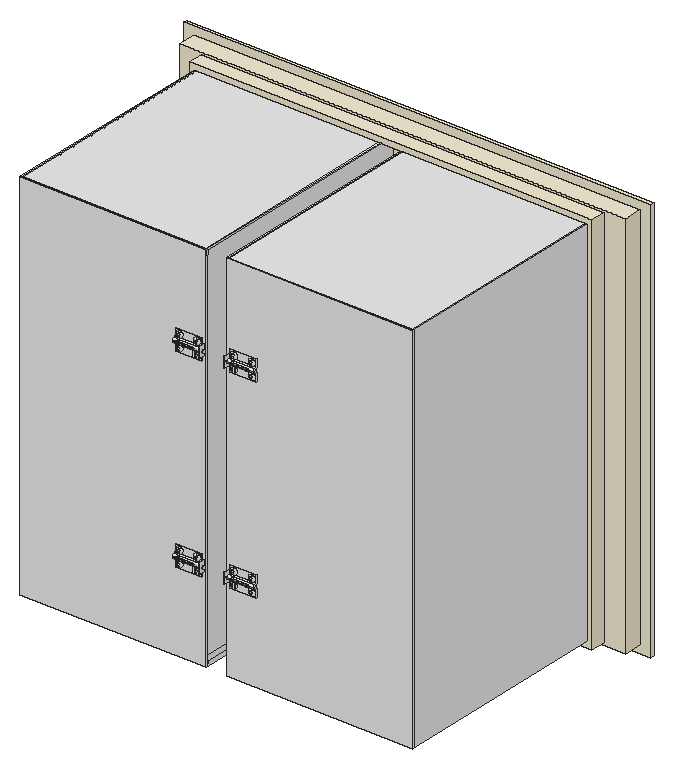
Revit family "Mailboxes_4C-Salsbury_Industries-Rear_Load-7_Door_High_Units", category Specialty Equipment, host Wall, Revit 2016
Family settings
  Host = Wall
  Part Type = Normal
  Round Connector Dimension = Use Diameter
  OmniClass Number = 23.40.90.14.11
  OmniClass Title = Mail Boxes
  Always vertical = Yes
  Cut with Voids When Loaded = No
  Shared = No
  Room Calculation Point = No
Parameters (values of type "3707D-12 RL")
  Width = 31.09766"
  URL = "www.mailboxes.com"
  OmniClass 23 Title = "Mail Boxes"
  OmniClass 23 Number = "23.40.90.14.11"
  Latch Locks-Right Side = yes
  Visible Door Number [instance] = yes
  Vertical Center Divider = yes
  Version = "3.0 (06/30/17)"
  Type Comments = "4C Standard Horizontal Mailbox - Rear Loading"
  Top Back Plate = no
  Right Inside Wall = yes
  Model = "3707D-12 RL"
  MasterFormat Title = "Postal Specialties"
  MasterFormat Number = "10 55 00"
  Manufacturer = "Salsbury Industries"
  Lock Material = Stainless Steel - Salsbury Finish -  Polished
  Left Inside Wall = yes
  Latch Locks-Left Side = yes
  Latch Distance = 6.015"
  Latch Alignment = 14.857"
  Keynote = ""
  Height = 27.000"
  Front Panel Material [instance] = Paint - Salsbury Finish - Sandstone
  Door Slot R7 Number [instance] = "12"
  Door Slot R7 = 3700 Series 4C Door Configurations : MB1 Door w/ Divider
  Door Slot R6 Number [instance] = "11"
  Door Slot R6 = 3700 Series 4C Door Configurations : MB1 Door w/ Divider
  Door Slot R5 Number [instance] = "10"
  Door Slot R5 = 3700 Series 4C Door Configurations : MB1 Door w/ Divider
  Door Slot R4 Number [instance] = "0"
  Door Slot R4 = 3700 Series 4C OM2 Configuration : OM2-RL
  Door Slot R3 Number [instance] = "0"
  Door Slot R3 = 3700 Series 4C Door Configurations : Empty
  Door Slot R2 Number [instance] = "9"
  Door Slot R2 = 3700 Series 4C Door Configurations : MB1 Door w/ Divider
  Door Slot R1 Number [instance] = "8"
  Door Slot R1 = 3700 Series 4C Door Configurations : MB1 Door
  Door Slot L7 Number [instance] = "7"
  Door Slot L7 = 3700 Series 4C Door Configurations : MB1 Door w/ Divider
  Door Slot L6 Number [instance] = "6"
  Door Slot L6 = 3700 Series 4C Door Configurations : MB1 Door w/ Divider
  Door Slot L5 Number [instance] = "5"
  Door Slot L5 = 3700 Series 4C Door Configurations : MB1 Door w/ Divider
  Door Slot L4 Number [instance] = "4"
  Door Slot L4 = 3700 Series 4C Door Configurations : MB1 Door w/ Divider
  Door Slot L3 Number [instance] = "3"
  Door Slot L3 = 3700 Series 4C Door Configurations : MB1 Door w/ Divider
  Door Slot L2 Number [instance] = "2"
  Door Slot L2 = 3700 Series 4C Door Configurations : MB1 Door w/ Divider
  Door Slot L1 Number [instance] = "1"
  Door Slot L1 = 3700 Series 4C Door Configurations : MB1 Door
  Description = "7 Door High Unit:  12 MB1, OM2"
  Depth = 17.025"
  Center Extrusion Offset [instance] = 0.000"
  Bottom Back Plate = no
  Back Enclosure Material = Aluminum - Salsbury Finish - Anodized
  Assembly Description = "Mailboxes"
  Assembly Code = "C1030910"
  Above Finished Floor (AFF-Bottom of Unit) [instance] = 26.683"
  Above Finished Floor (AFF-Bottom Shelf) [instance] = 28.000"
Reference planes (in)
  plane 1 "Wall Centerline": y = 0
  plane 2 "Center (Left/Right)": x = 0
  plane 3 "Front": y = 3
  plane 4 "15" AFF": z = 28
  plane 5 "28" AFF": z = 28
  plane 6 "36" AFF": z = 36
  plane 7 "48" AFF": z = 48
  plane 8 "Bottom of Unit": z = 26.683
  plane 9 "Top of Unit": z = 53.683
  plane 10 "Left Side of Unit": x = 15.54883
  plane 11 "Right Side of Unit": x = -15.54883
  plane 12 "28" AFF_Bottom of Unit": z = 26.683
  plane 13 "Top Horiz Trim Align": z = 52.85225
  plane 14 "Bottom Horiz Trim Align": z = 27.515
  plane 15 "Left Trim Align": x = 14.716
  plane 16 "Right Trim Align": x = -14.716
  plane 17 "Left Door Align": x = 14.06641
  plane 18 "Right Door Align": x = -14.06641
  plane 19 "Top Horiz Door Align": z = 52.26125
  plane 20 "Bottom Horiz Door Align": z = 28
  plane 21 "Front Face of Unit": y = 3.265
  plane 22 "Top Housing Align": z = 53.179
  plane 23 "Top Collar Align": z = 53.031
  plane 24 "Top Box Align": z = 52.676
  plane 25 "Vertical Housing Align": y = 1.795
  plane 26 "Vertical Collar Align": y = 0.795
  plane 27 "Back of Unit": y = -13.76
  plane 28 "Bottom Housing Align": z = 27.187
  plane 29 "Bottom Collar Align": z = 27.335
  plane 30 "Bottom Box Align": z = 27.75
  plane 31 "Door Alignment": y = 2.66809
  plane 32 "Right Housing Align": x = -14.84183
  plane 33 "Right Collar Align": x = -13.40883
  plane 34 "Right Box Side Align": x = -13.08083
  plane 35 "Left Housing Align": x = 14.84183
  plane 36 "Left Collar Align": x = 13.40883
  plane 37 "Left Side Box Align": x = 13.08083
  plane 38 "Top Back Plate Align": z = 51.897
  plane 39 "Bottom Back Plate Align": z = 28.499
  plane 40 "Back": y = -3
  plane 41 "RO Left Side": x = 15.17383
  plane 42 "RO Right Side": x = -15.17383
  plane 43 "RO Bottom": z = 27.058
  plane 44 "RO Top": z = 53.308
  plane 45 "Horiz Centerline": z = 42.04237
  plane 46: z = 27.885
  plane 47: x = 12.99983
  plane 48: x = 12.92758
  plane 49 "Center Extrusion": x = 0
  plane 50 "Center Extrusion Offset": x = 0
  plane 51 "Row 7 Top Align": z = 31.5
  plane 52 "Row 6 Top Align": z = 35
  plane 53 "Row 5 Top Align": z = 38.5
  plane 54 "Row 4 Top Align": z = 42
  plane 55 "Row 3 Top Align": z = 45.5
  plane 56 "Row 2 Top Align": z = 49
  plane 57 "Row 16 Top Align-Private": z = 31.5
  plane 58 "Row 15 Top Align-Private": z = 35
  plane 59 "Row 14 Top Align-Private": z = 38.5
  plane 60 "Row 13 Top Align-Private": z = 42
  plane 61 "Row 12 Top Align-Private": z = 45.5
  plane 62 "Row 11 Top Align-Private": z = 49
  plane 63 "Row 10 Top Align-Private": z = 52.25
  plane 64 "Row 9 Top Align-Private": z = 55.75
  plane 65 "Row 8 Top Align-Private": z = 59.25
  plane 66 "Top of Face Gap": z = 61.25
  plane 67 "Top Latch Align": z = 46.661
  plane 68 "Bottom Latch Align": z = 33.765
  plane 69 "Right Latch Align": x = -0.69183
  plane 70 "Left Latch Align": x = 0.69098
  plane 71 "Latch Alignment Edge": x = -15.54883
  plane 72: x = -12.92783
  plane 73: x = -12.99983
  plane 74: y = -13.84203
  plane 75: x = -2
  plane 76: x = -0.7705
  plane 77: x = 0.7705
  plane 78: x = 2
  plane 79: y = -13.67797
  plane 80: x = -0.69098
  plane 81: x = 0.69183
  plane 82: z = 50.397
  plane 83: z = 29.999
  plane 84: z = 52.31729
  plane 85: z = 28.41625
  plane 86: z = 27.446
  plane 87: z = 28.055
Forms (in)
  Extrusion 1, void
    sketch origin (0, 3, 0) x (1, 0, 0) y (0, 0, 1)
      loop
        line (15.17383, 53.308) -> (-15.17383, 53.308) -> (-15.17383, 27.058) -> (15.17383, 27.058) -> (15.17383, 53.308)
    from 0 to 15.27914
  Extrusion 2, solid, material "Paint - Salsbury Finish - Sandstone" <- "Front Panel Material"
    sketch origin (0, 3, 0) x (1, 0, 0) y (0, 0, 1)
      loop
        line (15.54883, 53.683) -> (-15.54883, 53.683) -> (-15.54883, 26.683) -> (15.54883, 26.683) -> (15.54883, 53.683)
    from -0.265 to 0
  Extrusion 3, void
    sketch origin (0, 3.265, 0.00774) x (0, 0, -1) y (-1, 0, 0)
      loop
        line (-52.84451, -14.716) -> (-27.50726, -14.716) -> (-27.50726, 14.716) -> (-52.84451, 14.716) -> (-52.84451, -14.716)
    from -0.265 to 0
  Extrusion 4, solid, material "Paint - Salsbury Finish - Sandstone" <- "Front Panel Material"
    sketch origin (14.98214, 3.265, -1.67978) x (0, 0, -1) y (-1, 0, 0)
      loop
        line (-54.53203, 29.69814) -> (-54.53203, 29.04855) -> (-29.19478, 29.04855) -> (-29.19478, 29.69814) -> (-54.53203, 29.69814)
    from 0 to -0.265
  Extrusion 5, solid, material "Paint - Salsbury Finish - Sandstone" <- "Front Panel Material"
    sketch origin (0, 3.265, 0) x (0, 0, -1) y (-1, 0, 0)
      loop
        line (-27.515, -14.06641) -> (-27.515, 14.06641) -> (-28, 14.06641) -> (-28, -14.06641) -> (-27.515, -14.06641)
    from -0.265 to 0
  Extrusion 6, solid, material "Paint - Salsbury Finish - Sandstone" <- "Front Panel Material"
    sketch origin (0, 3, 84.08475) x (1, 0, 0) y (0, 0, 1)
      loop
        line (-14.84183, -56.89775) -> (14.84183, -56.89775) -> (14.84183, -30.90575) -> (-14.84183, -30.90575) -> (-14.84183, -56.89775)
    from 0 to 1.205
  Extrusion 7, solid, material "Paint - Salsbury Finish - Sandstone" <- "Front Panel Material"
    sketch origin (0, 1.795, 0) x (0, 0, 1) y (-1, 0, 0)
      loop
        line (27.335, 13.40883) -> (27.335, -13.40883) -> (53.031, -13.40883) -> (53.031, 13.40883) -> (27.335, 13.40883)
    from 0 to 1
  Extrusion 8, void
    sketch origin (0, 1.795, 0) x (0, 0, 1) y (-1, 0, 0)
      loop
        line (52.676, 13.08083) -> (27.75, 13.08083) -> (27.75, -13.08083) -> (52.676, -13.08083) -> (52.676, 13.08083)
    from 0 to 1
  Extrusion 9, solid, material "Paint - Salsbury Finish - Sandstone" <- "Front Panel Material"
    sketch origin (0, 3.265, 0) x (0, 0, -1) y (-1, 0, 0)
      loop
        line (-52.85225, -14.716) -> (-27.515, -14.716) -> (-27.515, -14.06641) -> (-52.85225, -14.06641) -> (-52.85225, -14.716)
    from 0 to -0.265
  Extrusion 10, solid, material "Paint - Salsbury Finish - Sandstone" <- "Front Panel Material"
    sketch origin (0, 3.265, 0) x (0, 0, -1) y (-1, 0, 0)
      loop
        line (-52.85225, -14.06641) -> (-52.26125, -14.06641) -> (-52.26125, 14.06641) -> (-52.85225, 14.06641) -> (-52.85225, -14.06641)
    from -0.265 to 0
  Extrusion 11, void
    sketch origin (0, 1.795, 0) x (0, 0, 1) y (-1, 0, 0)
      loop
        line (53.031, -13.40883) -> (53.031, 13.40883) -> (27.335, 13.40883) -> (27.335, -13.40883) -> (53.031, -13.40883)
    from -1.124 to 0
  Extrusion 12, void
    sketch origin (0, 3, 0) x (1, 0, 0) y (0, 0, 1)
      loop
        line (14.06641, 53.031) -> (-14.06641, 53.031) -> (-14.06641, 27.335) -> (14.06641, 27.335) -> (14.06641, 53.031)
    from 0 to 0.33191
  Extrusion 13, solid, material "Aluminum - Salsbury Finish - Anodized" <- "Back Enclosure Material"
    sketch origin (-0.58189, 1.795, 0) x (0, 0, 1) y (-1, 0, 0)
      loop
        line (52.676, 12.49894) -> (27.75, 12.49894) -> (27.75, 12.41794) -> (52.676, 12.41794) -> (52.676, 12.49894)
    from 0 to 15.47297
  Extrusion 14, solid, material "Aluminum - Salsbury Finish - Anodized" <- "Back Enclosure Material", visible <- "Right Inside Wall"
    sketch origin (11.7675, 1.795, 0) x (0, 0, 1) y (-1, 0, 0)
      loop
        line (52.676, 12.538) -> (27.75, 12.538) -> (27.75, 12.45933) -> (52.676, 12.45933) -> (52.676, 12.538)
    from 0 to 15.47297
  Extrusion 15, solid, material "Aluminum - Salsbury Finish - Anodized" <- "Back Enclosure Material"
    sketch origin (0.54283, 1.795, 0) x (0, 0, 1) y (-1, 0, 0)
      loop
        line (52.676, -12.538) -> (52.676, -12.457) -> (27.75, -12.457) -> (27.75, -12.538) -> (52.676, -12.538)
    from 0 to 15.47297
  Extrusion 16, solid, material "Aluminum - Salsbury Finish - Anodized" <- "Back Enclosure Material", visible <- "Left Inside Wall"
    sketch origin (-11.7675, 1.795, 0) x (0, 0, 1) y (-1, 0, 0)
      loop
        line (52.676, -12.538) -> (52.676, -12.45849) -> (27.75, -12.45849) -> (27.75, -12.538) -> (52.676, -12.538)
    from 0 to 15.47297
  Extrusion 17, solid, material "Aluminum - Salsbury Finish - Anodized" <- "Back Enclosure Material"
    sketch origin (0, -13.76, 0) x (0, 0, 1) y (-1, 0, 0)
      loop
        line (52.676, 13.08083) -> (27.75, 13.08083) -> (27.75, -13.08083) -> (52.676, -13.08083) -> (52.676, 13.08083)
    from -0.08203 to 0
  Extrusion 18, solid, material "Aluminum - Salsbury Finish - Anodized" <- "Back Enclosure Material"
    sketch origin (-0.15625, 0, 52.676) x (0, 1, 0) y (-1, 0, 0)
      loop
        line (1.795, 12.84358) -> (-13.67797, 12.84358) -> (-13.67797, -13.15608) -> (1.795, -13.15608) -> (1.795, 12.84358)
    from -0.35871 to 0
  Extrusion 19, void
    sketch origin (0, 0, 52.676) x (0, 1, 0) y (-1, 0, 0)
      loop
        line (1.7325, 12.93342) -> (-13.61547, 12.93342) -> (-13.61547, -12.92758) -> (1.7325, -12.92758) -> (1.7325, 12.93342)
    from -0.0723 to -0.6459
  Extrusion 20, solid, material "Aluminum - Salsbury Finish - Anodized" <- "Back Enclosure Material"
    sketch origin (0, 0, 15.41625) x (1, 0, 0) y (0, 1, 0)
      loop
        line (-12.99983, 1.795) -> (-12.99983, -13.67797) -> (12.99983, -13.67797) -> (12.99983, 1.795) -> (-12.99983, 1.795)
    from 12.46875 to 13
  Extrusion 21, void
    sketch origin (0, 0, 27.91625) x (1, 0, 0) y (0, 1, 0)
      loop
        line (-12.93342, 1.7325) -> (-12.93342, -13.61547) -> (12.92758, -13.61547) -> (12.92758, 1.7325) -> (-12.93342, 1.7325)
    from 0.13875 to -0.47025
  Extrusion 22, solid, material "Aluminum - Salsbury Finish - Anodized" <- "Back Enclosure Material", visible <- "Top Back Plate", detail levels medium+fine
    sketch origin (0, -13.76, 0) x (0, 0, 1) y (-1, 0, 0)
      loop
        line (51.897, 2) -> (50.397, 2) -> (50.397, -2) -> (51.897, -2) -> (51.897, 2)
    from 0 to 0.08203
  Extrusion 23, solid, material "Aluminum - Salsbury Finish - Anodized" <- "Back Enclosure Material", visible <- "Bottom Back Plate", detail levels medium+fine
    sketch origin (0, -13.76, 84.11475) x (0, 0, -1) y (1, 0, 0)
      loop
        line (55.61575, -2) -> (55.61575, 2) -> (54.11575, 2) -> (54.11575, -2) -> (55.61575, -2)
    from 0 to 0.08203
  Extrusion 24, void
    sketch origin (0, 0, 0) x (0, 0, -1) y (0, 1, 0)
      loop
        line (-52.676, 1.795) -> (-52.676, -13.76) -> (-27.75, -13.76) -> (-27.75, 1.795) -> (-27.515, 1.795) -> (-27.515, 3.265) -> (-52.85225, 3.265) -> (-52.85225, 1.795) -> (-52.676, 1.795)
    from -0.69098 to 0.69183
  Extrusion 25, solid, material "Paint - Salsbury Finish - Sandstone" <- "Front Panel Material", visible <- "Vertical Center Divider"
    sketch origin (-0.77934, 3.265, 0) x (0, 0, -1) y (-1, 0, 0)
      loop
        line (-52.85225, -1.47033) -> (-27.515, -1.47033) -> (-27.515, -0.08752) -> (-52.85225, -0.08752) -> (-52.85225, -1.47033)
    from 0 to -1.47
Cuts and joins
  Extrusion 3, Extrusion 11, Extrusion 24 cuts Extrusion 2
  Extrusion 8, Extrusion 11, Extrusion 12, Extrusion 24 cuts Extrusion 5
  Extrusion 8, Extrusion 12, Extrusion 19, Extrusion 24 cuts Extrusion 7
  Extrusion 11, Extrusion 12, Extrusion 24 cuts Extrusion 10
  Extrusion 11, Extrusion 12 cuts Extrusion 6
  Extrusion 12 cuts Extrusion 4
  Extrusion 12 cuts Extrusion 9
  Extrusion 19, Extrusion 21, Extrusion 24 cuts Extrusion 18
  Extrusion 21, Extrusion 24 cuts Extrusion 20
  Extrusion 24 cuts Extrusion 17
  Extrusion 24 cuts Extrusion 22
  Extrusion 24 cuts Extrusion 23
Lines and regions (in)
  model lines
    curve 1: line (15.54883, 3.265, 53.683) -> (14.716, 3.265, 52.85225)
    curve 2: line (-15.54883, 3.265, 53.683) -> (-14.716, 3.265, 52.85225)
    curve 3: line (-15.54883, 3.265, 26.683) -> (-14.716, 3.265, 27.515)
    curve 4: line (15.54883, 3.265, 26.683) -> (14.716, 3.265, 27.515)
  reference lines
    curve 5: line (-14.06641, 2.66809, 26.683) -> (-14.06641, 2.66809, 53.683)
    curve 6: line (14.06641, 2.66809, 26.683) -> (14.06641, 2.66809, 53.683)
  symbolic lines
    curve 7: line (-13.08083, -13.76, 28) -> (13.08083, -13.76, 28)
    curve 8: line (-13.08083, 0.795, 28) -> (-13.08083, -13.76, 28)
    curve 9: line (13.40883, 0.795, 28) -> (-13.40883, 0.795, 28)
    curve 10: line (13.08083, -13.76, 28) -> (13.08083, 0.795, 28)
    curve 11: line (13.40883, 0.795, 28) -> (13.40883, 1.795, 28)
    curve 12: line (-13.40883, 0.795, 28) -> (-13.40883, 1.795, 28)
    curve 13: line (-14.84183, 3, 28) -> (-14.84183, 1.795, 28)
    curve 14: line (-14.84183, 1.795, 28) -> (14.84183, 1.795, 28)
    curve 15: line (14.84183, 1.795, 28) -> (14.84183, 3, 28)
    curve 16: line (-15.54883, 3.265, 28) -> (15.54883, 3.265, 28)
    curve 17: line (-15.54883, 3, 28) -> (-15.54883, 3.265, 28)
    curve 18: line (15.54883, 3, 28) -> (-15.54883, 3, 28)
    curve 19: line (15.54883, 3.265, 28) -> (15.54883, 3, 28)
    curve 20: line (-14.06641, 3.265, 28) -> (-14.06641, 4.43, 28)
    curve 21: line (-14.06641, 4.43, 28) -> (-0.69183, 4.43, 28)
    curve 22: line (-0.69183, 4.43, 28) -> (-0.69183, 3.265, 28)
Text (in)
  text "Placement Side" at (0, 40.15149, 123.01588), in view "Right"
  text "Placement Side" at (-58.6842, 42.74981, 0), in view "Ref. Level"
  text "Placement Side" at (0, 47.49176, 140.59947), in view "Left"
Dimensions and locks (in)
  locked: plane 3 "Front" to host wall
  "Above Finished Floor (AFF-Bottom Shelf)": level to plane 4 "15" AFF"
  locked: level to plane 5 "28" AFF" at 28
  locked: level to plane 6 "36" AFF" at 36
  locked: level to plane 7 "48" AFF" at 48
  equal spacing: plane 11 "Right Side of Unit", plane 2 "Center (Left/Right)", plane 10 "Left Side of Unit"
  plane 8 "Bottom of Unit" to plane 4 "15" AFF" = 1.317"
  "Width": plane 11 "Right Side of Unit" to plane 10 "Left Side of Unit"
  "Height": plane 8 "Bottom of Unit" to plane 9 "Top of Unit"
  plane 12 "28" AFF_Bottom of Unit" to plane 5 "28" AFF" = 1.317"
  locked: plane 15 "Left Trim Align" to plane 10 "Left Side of Unit" at 0.83283
  locked: plane 16 "Right Trim Align" to plane 11 "Right Side of Unit" at 0.83283
  locked: plane 13 "Top Horiz Trim Align" to plane 9 "Top of Unit" at 0.83075
  locked: plane 8 "Bottom of Unit" to plane 14 "Bottom Horiz Trim Align" at 0.832
  plane 17 "Left Door Align" to plane 15 "Left Trim Align" = 0.64959"
  plane 18 "Right Door Align" to plane 16 "Right Trim Align" = 0.64959"
  locked: plane 19 "Top Horiz Door Align" to plane 13 "Top Horiz Trim Align" at 0.591
  locked: plane 14 "Bottom Horiz Trim Align" to plane 20 "Bottom Horiz Door Align" at 0.485
  plane 20 "Bottom Horiz Door Align" to level = 28.000"
  plane 5 "28" AFF" to level = 28.000"
  plane 6 "36" AFF" to level = 36.000"
  plane 7 "48" AFF" to level = 48.000"
  plane 9 "Top of Unit" to plane 8 "Bottom of Unit" = 27.000"
  plane 21 "Front Face of Unit" to host wall = 0.265"
  locked: host wall to plane 25 "Vertical Housing Align" at 1.205
  locked: plane 25 "Vertical Housing Align" to plane 26 "Vertical Collar Align" at 1
  plane 25 "Vertical Housing Align" to plane 27 "Back of Unit" = 15.555"
  "Depth": plane 21 "Front Face of Unit" to plane 27 "Back of Unit"
  locked: plane 9 "Top of Unit" to plane 22 "Top Housing Align" at 0.504
  locked: plane 22 "Top Housing Align" to plane 23 "Top Collar Align" at 0.148
  locked: plane 23 "Top Collar Align" to plane 24 "Top Box Align" at 0.355
  locked: plane 28 "Bottom Housing Align" to plane 8 "Bottom of Unit" at 0.504
  locked: plane 29 "Bottom Collar Align" to plane 28 "Bottom Housing Align" at 0.148
  locked: plane 30 "Bottom Box Align" to plane 29 "Bottom Collar Align" at 0.415
  plane 24 "Top Box Align" to plane 30 "Bottom Box Align" = 24.926"  (x2)
  locked: plane 21 "Front Face of Unit" to plane 31 "Door Alignment" at 0.59691
  plane 11 "Right Side of Unit" to plane 32 "Right Housing Align" to plane 33 "Right Collar Align" to plane 34 "Right Box Side Align" = 0.707" locked, 1.433" locked, 0.328" locked
  plane 37 "Left Side Box Align" to plane 36 "Left Collar Align" to plane 35 "Left Housing Align" to plane 10 "Left Side of Unit" = 0.328" locked, 1.433" locked, 0.707" locked
  plane 11 "Right Side of Unit" to plane 32 "Right Housing Align" to plane 33 "Right Collar Align" to plane 34 "Right Box Side Align" = 0.707", 1.433", 0.328"
  plane 37 "Left Side Box Align" to plane 36 "Left Collar Align" to plane 35 "Left Housing Align" to plane 10 "Left Side of Unit" = 0.328", 1.433", 0.707"
  plane 9 "Top of Unit" to plane 24 "Top Box Align" = 1.007"
  plane 30 "Bottom Box Align" to plane 8 "Bottom of Unit" = 1.067"
  locked: plane 24 "Top Box Align" to plane 38 "Top Back Plate Align" at 0.779
  locked: plane 39 "Bottom Back Plate Align" to plane 30 "Bottom Box Align" at 0.749
  locked: plane 41 "RO Left Side" to plane 10 "Left Side of Unit" at 0.375
  locked: plane 42 "RO Right Side" to plane 11 "Right Side of Unit" at 0.375
  locked: plane 8 "Bottom of Unit" to plane 43 "RO Bottom" at 0.375
  locked: plane 44 "RO Top" to plane 9 "Top of Unit" at 0.375
  Extrusion 13 to Extrusion 13 = 0.081"
  plane 46 to plane 30 "Bottom Box Align" = 0.135"
  Extrusion 15 to Extrusion 15 = 0.081"
  plane 47 to plane 37 "Left Side Box Align" = 0.081"
  plane 48 to plane 47 = 0.07225"
  plane 18 "Right Door Align" to plane 17 "Left Door Align" = 28.13281"
  "Center Extrusion Offset": plane 49 "Center Extrusion" to plane 50 "Center Extrusion Offset"
  plane 20 "Bottom Horiz Door Align" to plane 51 "Row 7 Top Align" to plane 52 "Row 6 Top Align" to plane 53 "Row 5 Top Align" to plane 54 "Row 4 Top Align" to plane 55 "Row 3 Top Align" to plane 56 "Row 2 Top Align" = 3.500", 3.500" locked, 3.500" locked, 3.500" locked, 3.500" locked, 3.500" locked
  plane 4 "15" AFF" to plane 57 "Row 16 Top Align-Private" = 3.500"
  plane 57 "Row 16 Top Align-Private" to plane 58 "Row 15 Top Align-Private" to plane 59 "Row 14 Top Align-Private" to plane 60 "Row 13 Top Align-Private" to plane 61 "Row 12 Top Align-Private" to plane 62 "Row 11 Top Align-Private" to plane 63 "Row 10 Top Align-Private" to plane 64 "Row 9 Top Align-Private" to plane 65 "Row 8 Top Align-Private" = 3.500" locked, 3.500" locked, 3.500" locked, 3.500" locked, 3.500" locked, 3.250" locked, 3.500" locked, 3.500" locked
  locked: plane 65 "Row 8 Top Align-Private" to plane 66 "Top of Face Gap" at 2
  "Above Finished Floor (AFF-Bottom of Unit)": level to plane 8 "Bottom of Unit"
  locked: plane 69 "Right Latch Align" to plane 70 "Left Latch Align" at 1.38281
  "Latch Distance": plane 24 "Top Box Align" to plane 67 "Top Latch Align"
  "Latch Distance": plane 68 "Bottom Latch Align" to plane 30 "Bottom Box Align"
  "Latch Alignment": plane 71 "Latch Alignment Edge" to plane 69 "Right Latch Align"
  curve 15 to curve 19 = 0.707"
  plane 34 "Right Box Side Align" to plane 73 to plane 72 = 0.081", 0.072"
  plane 74 to plane 27 "Back of Unit" = 0.08203"
  plane 27 "Back of Unit" to plane 79 = 0.08203"
  cut or joined group of Extrusion 6, Extrusion 11, Extrusion 12 to Extrusion 25 = 25.66525"
  plane 75 to plane 76 to plane 69 "Right Latch Align" to plane 50 "Center Extrusion Offset" = 1.2295", 0.07867", 0.69183"
  plane 50 "Center Extrusion Offset" to plane 70 "Left Latch Align" to plane 77 to plane 78 = 0.69098", 0.07952", 1.2295"
  plane 80 to plane 49 "Center Extrusion" to plane 81 = 0.69098" locked, 0.69183" locked
  plane 11 "Right Side of Unit" to Extrusion 2 = 31.09766"
  plane 10 "Left Side of Unit" to Extrusion 6 = 30.39066"
  plane 38 "Top Back Plate Align" to plane 82 = 1.500"
  plane 83 to plane 39 "Bottom Back Plate Align" = 1.500"
  plane 4 "15" AFF" to Extrusion 13 = 24.676"
  plane 4 "15" AFF" to Extrusion 14 = 24.676"
  Extrusion 14 to Extrusion 16 = 24.926"
  Extrusion 16 to Extrusion 15 = 24.926"
  locked: plane 84 to plane 24 "Top Box Align" at 0.35871
  plane 14 "Bottom Horiz Trim Align" to plane 85 = 0.90125"
  plane 86 to plane 30 "Bottom Box Align" to plane 87 = 0.304" locked, 0.305" locked
  aligned and locked: plane 8 "Bottom of Unit" to Extrusion 2 sketch curve
  aligned and locked: plane 10 "Left Side of Unit" to Extrusion 2 sketch curve
  aligned and locked: Extrusion 2 sketch curve to plane 11 "Right Side of Unit"
  aligned and locked: Extrusion 2 sketch curve to plane 9 "Top of Unit"
  aligned and locked: plane 21 "Front Face of Unit" to Extrusion 2
  aligned and locked: Extrusion 4 to plane 16 "Right Trim Align"
  aligned and locked: plane 18 "Right Door Align" to Extrusion 4
  aligned and locked: plane 13 "Top Horiz Trim Align" to Extrusion 4
  aligned and locked: Extrusion 5 to plane 14 "Bottom Horiz Trim Align"
  aligned and locked: Extrusion 5 to plane 17 "Left Door Align"
  aligned and locked: plane 20 "Bottom Horiz Door Align" to Extrusion 5
  aligned and locked: Extrusion 5 to plane 18 "Right Door Align"
  aligned and locked: plane 34 "Right Box Side Align" to Extrusion 17 sketch curve
  aligned and locked: Extrusion 17 sketch curve to plane 24 "Top Box Align"
  aligned and locked: Extrusion 17 sketch curve to plane 37 "Left Side Box Align"
  aligned and locked: plane 30 "Bottom Box Align" to Extrusion 17 sketch curve
  aligned and locked: plane 25 "Vertical Housing Align" to Extrusion 18 sketch curve
  aligned and locked: Extrusion 18 sketch curve to plane 47
  aligned and locked: plane 48 to Extrusion 19
  aligned and locked: plane 47 to cut or joined group of Extrusion 18, Extrusion 19, Extrusion 21, Extrusion 24
  aligned and locked: plane 25 "Vertical Housing Align" to Extrusion 20 sketch curve
  aligned and locked: Extrusion 20 sketch curve to plane 47
  aligned and locked: plane 48 to cut or joined group of Extrusion 20, Extrusion 21, Extrusion 24
  aligned and locked: plane 17 "Left Door Align" to cut or joined group of Extrusion 9, Extrusion 12
  aligned and locked: plane 25 "Vertical Housing Align" to Extrusion 25
  aligned and locked: plane 21 "Front Face of Unit" to Extrusion 25
  aligned and locked: nested 1 to plane 56 "Row 2 Top Align"
  aligned and locked: nested 8 to plane 17 "Left Door Align"
  aligned and locked: nested 8 to plane 56 "Row 2 Top Align"
  aligned and locked: plane 31 "Door Alignment" to nested 8  (x2)
  aligned and locked: nested 9 to plane 17 "Left Door Align"
  aligned and locked: nested 9 to plane 55 "Row 3 Top Align"
  aligned and locked: plane 31 "Door Alignment" to nested 9  (x2)
  aligned and locked: nested 7 to curve 5
  aligned and locked: nested 6 to curve 5
  aligned and locked: nested 5 to curve 5
  aligned and locked: nested 3 to curve 5
  aligned and locked: nested 14 to curve 6
  aligned and locked: nested 13 to curve 6
  aligned and locked: nested 12 to curve 6
  aligned and locked: nested 11 to curve 6
  aligned and locked: nested 10 to curve 6
  aligned and locked: nested 9 to curve 6
  aligned and locked: nested 8 to curve 6
  aligned and locked: plane 31 "Door Alignment" to nested 6
  aligned and locked: plane 31 "Door Alignment" to nested 13
  aligned and locked: plane 31 "Door Alignment" to nested 5
  aligned and locked: plane 31 "Door Alignment" to nested 3
  aligned and locked: plane 31 "Door Alignment" to nested 10
  aligned and locked: plane 31 "Door Alignment" to nested 12
  aligned and locked: plane 31 "Door Alignment" to nested 2
  aligned and locked: plane 31 "Door Alignment" to nested 4
  aligned and locked: nested 1 to curve 5
  aligned and locked: nested 2 to curve 5
  aligned and locked: nested 4 to curve 5
  aligned and locked: plane 31 "Door Alignment" to nested 1
  aligned and locked: plane 31 "Door Alignment" to nested 7
  aligned and locked: plane 68 "Bottom Latch Align" to nested 15
  aligned and locked: plane 67 "Top Latch Align" to nested 16
  aligned and locked: plane 69 "Right Latch Align" to nested 16
  aligned and locked: plane 69 "Right Latch Align" to nested 15
  aligned and locked: plane 11 "Right Side of Unit" to plane 71 "Latch Alignment Edge"
  aligned and locked: nested 15 to plane 27 "Back of Unit"
  aligned and locked: nested 16 to plane 27 "Back of Unit"
  aligned and locked: plane 37 "Left Side Box Align" to curve 10
  aligned and locked: plane 27 "Back of Unit" to curve 7
  aligned and locked: curve 8 to plane 34 "Right Box Side Align"
  aligned and locked: curve 9 to plane 26 "Vertical Collar Align"
  aligned and locked: curve 13 to cut or joined group of Extrusion 6, Extrusion 11, Extrusion 12
  aligned and locked: curve 14 to cut or joined group of Extrusion 6, Extrusion 11, Extrusion 12
  aligned and locked: curve 15 to cut or joined group of Extrusion 6, Extrusion 11, Extrusion 12
  aligned and locked: nested 1 to curve 20
  aligned and locked: plane 69 "Right Latch Align" to curve 22
  aligned and locked: plane 21 "Front Face of Unit" to cut or joined group of Extrusion 2, Extrusion 3, Extrusion 11, Extrusion 24
  aligned and locked: plane 3 "Front" to cut or joined group of Extrusion 2, Extrusion 3, Extrusion 11, Extrusion 24
  aligned and locked: plane 35 "Left Housing Align" to cut or joined group of Extrusion 6, Extrusion 11, Extrusion 12  (x2)
  aligned and locked: plane 25 "Vertical Housing Align" to cut or joined group of Extrusion 6, Extrusion 11, Extrusion 12
  aligned and locked: cut or joined group of Extrusion 6, Extrusion 11, Extrusion 12 to plane 3 "Front"
  aligned and locked: cut or joined group of Extrusion 6, Extrusion 11, Extrusion 12 to plane 32 "Right Housing Align"
  aligned and locked: plane 26 "Vertical Collar Align" to cut or joined group of Extrusion 7, Extrusion 8, Extrusion 12, Extrusion 19, Extrusion 24
  aligned and locked: cut or joined group of Extrusion 7, Extrusion 8, Extrusion 12, Extrusion 19, Extrusion 24 to plane 33 "Right Collar Align"
  aligned and locked: cut or joined group of Extrusion 7, Extrusion 8, Extrusion 12, Extrusion 19, Extrusion 24 to plane 25 "Vertical Housing Align"
  aligned and locked: plane 36 "Left Collar Align" to cut or joined group of Extrusion 7, Extrusion 8, Extrusion 12, Extrusion 19, Extrusion 24
  aligned and locked: plane 37 "Left Side Box Align" to Extrusion 15
  aligned and locked: Extrusion 15 to plane 47  (x2)
  aligned and locked: plane 27 "Back of Unit" to cut or joined group of Extrusion 17, Extrusion 24
  aligned and locked: Extrusion 13 to plane 34 "Right Box Side Align"
  aligned and locked: plane 37 "Left Side Box Align" to cut or joined group of Extrusion 17, Extrusion 24
  aligned and locked: plane 73 to Extrusion 13
  aligned and locked: cut or joined group of Extrusion 18, Extrusion 19, Extrusion 21, Extrusion 24 to plane 73
  aligned and locked: plane 74 to cut or joined group of Extrusion 22, Extrusion 24
  aligned and locked: plane 74 to cut or joined group of Extrusion 23, Extrusion 24
  aligned and locked: cut or joined group of Extrusion 22, Extrusion 24 to plane 27 "Back of Unit"
  aligned and locked: cut or joined group of Extrusion 23, Extrusion 24 to plane 27 "Back of Unit"
  aligned and locked: plane 77 to Extrusion 16
  aligned and locked: Extrusion 14 to plane 76
  aligned and locked: plane 78 to cut or joined group of Extrusion 22, Extrusion 24
  aligned and locked: plane 75 to cut or joined group of Extrusion 22, Extrusion 24  (x2)
  aligned and locked: plane 75 to cut or joined group of Extrusion 23, Extrusion 24  (x2)
  aligned and locked: cut or joined group of Extrusion 23, Extrusion 24 to plane 78  (x2)
  aligned and locked: plane 79 to cut or joined group of Extrusion 17, Extrusion 24
  aligned and locked: plane 79 to cut or joined group of Extrusion 18, Extrusion 19, Extrusion 21, Extrusion 24
  aligned and locked: Extrusion 15 to plane 25 "Vertical Housing Align"
  aligned and locked: Extrusion 16 to plane 25 "Vertical Housing Align"
  aligned and locked: Extrusion 14 to plane 25 "Vertical Housing Align"
  aligned and locked: Extrusion 13 to plane 25 "Vertical Housing Align"
  aligned and locked: plane 79 to Extrusion 15
  aligned and locked: plane 79 to Extrusion 16
  aligned and locked: plane 79 to Extrusion 14
  aligned and locked: plane 79 to Extrusion 13
  aligned and locked: Extrusion 14 to plane 69 "Right Latch Align"
  aligned and locked: plane 13 "Top Horiz Trim Align" to cut or joined group of Extrusion 9, Extrusion 12
  aligned and locked: cut or joined group of Extrusion 9, Extrusion 12 to plane 15 "Left Trim Align"
  aligned and locked: cut or joined group of Extrusion 9, Extrusion 12 to plane 14 "Bottom Horiz Trim Align"
  aligned and locked: cut or joined group of Extrusion 4, Extrusion 12 to plane 14 "Bottom Horiz Trim Align"
  aligned and locked: cut or joined group of Extrusion 10, Extrusion 11, Extrusion 12, Extrusion 24 to plane 17 "Left Door Align"
  aligned and locked: cut or joined group of Extrusion 10, Extrusion 11, Extrusion 12, Extrusion 24 to plane 18 "Right Door Align"
  aligned and locked: cut or joined group of Extrusion 10, Extrusion 11, Extrusion 12, Extrusion 24 to plane 19 "Top Horiz Door Align"
  aligned and locked: plane 13 "Top Horiz Trim Align" to cut or joined group of Extrusion 10, Extrusion 11, Extrusion 12, Extrusion 24
  aligned and locked: plane 21 "Front Face of Unit" to cut or joined group of Extrusion 9, Extrusion 12
  aligned and locked: plane 3 "Front" to cut or joined group of Extrusion 9, Extrusion 12
  aligned and locked: plane 21 "Front Face of Unit" to cut or joined group of Extrusion 4, Extrusion 12
  aligned and locked: plane 3 "Front" to cut or joined group of Extrusion 4, Extrusion 12
  aligned and locked: plane 13 "Top Horiz Trim Align" to Extrusion 25
  aligned and locked: Extrusion 25 to plane 14 "Bottom Horiz Trim Align"
  aligned and locked: plane 69 "Right Latch Align" to Extrusion 25
  aligned and locked: Extrusion 25 to plane 70 "Left Latch Align"
  aligned and locked: plane 70 "Left Latch Align" to Extrusion 16
  aligned and locked: plane 80 to Extrusion 24
  aligned and locked: plane 81 to Extrusion 24
  aligned and locked: plane 27 "Back of Unit" to Extrusion 24
  aligned and locked: plane 21 "Front Face of Unit" to Extrusion 24
  aligned and locked: nested 15 to plane 69 "Right Latch Align"
  aligned and locked: nested 16 to plane 69 "Right Latch Align"
  aligned and locked: plane 9 "Top of Unit" to curve 5
  aligned and locked: plane 8 "Bottom of Unit" to curve 5
  aligned and locked: plane 8 "Bottom of Unit" to curve 6
  aligned and locked: curve 6 to plane 17 "Left Door Align"
  aligned and locked: plane 22 "Top Housing Align" to cut or joined group of Extrusion 6, Extrusion 11, Extrusion 12
  aligned and locked: plane 28 "Bottom Housing Align" to cut or joined group of Extrusion 6, Extrusion 11, Extrusion 12
  aligned and locked: cut or joined group of Extrusion 7, Extrusion 8, Extrusion 12, Extrusion 19, Extrusion 24 to plane 29 "Bottom Collar Align"
  aligned and locked: plane 23 "Top Collar Align" to cut or joined group of Extrusion 7, Extrusion 8, Extrusion 12, Extrusion 19, Extrusion 24
  aligned and locked: plane 10 "Left Side of Unit" to curve 1
  aligned and locked: plane 9 "Top of Unit" to curve 1
  aligned and locked: plane 15 "Left Trim Align" to curve 1
  aligned and locked: plane 13 "Top Horiz Trim Align" to curve 1
  aligned and locked: plane 11 "Right Side of Unit" to curve 2
  aligned and locked: plane 9 "Top of Unit" to curve 2
  aligned and locked: plane 16 "Right Trim Align" to curve 2
  aligned and locked: plane 13 "Top Horiz Trim Align" to curve 2
  aligned and locked: plane 10 "Left Side of Unit" to curve 4
  aligned and locked: plane 8 "Bottom of Unit" to curve 4
  aligned and locked: plane 15 "Left Trim Align" to curve 4
  aligned and locked: plane 14 "Bottom Horiz Trim Align" to curve 4
  aligned and locked: plane 8 "Bottom of Unit" to curve 3
  aligned and locked: plane 11 "Right Side of Unit" to curve 3
  aligned and locked: plane 16 "Right Trim Align" to curve 3
  aligned and locked: plane 14 "Bottom Horiz Trim Align" to curve 3
  aligned and locked: cut or joined group of Extrusion 22, Extrusion 24 to plane 38 "Top Back Plate Align"
  aligned and locked: cut or joined group of Extrusion 22, Extrusion 24 to plane 78
  aligned and locked: plane 82 to cut or joined group of Extrusion 22, Extrusion 24
  aligned and locked: cut or joined group of Extrusion 23, Extrusion 24 to plane 39 "Bottom Back Plate Align"
  aligned and locked: plane 83 to cut or joined group of Extrusion 23, Extrusion 24
  aligned and locked: plane 24 "Top Box Align" to Extrusion 13
  aligned and locked: Extrusion 13 to plane 30 "Bottom Box Align"
  aligned and locked: plane 24 "Top Box Align" to Extrusion 14
  aligned and locked: Extrusion 14 to plane 30 "Bottom Box Align"
  aligned and locked: Extrusion 16 to plane 30 "Bottom Box Align"
  aligned and locked: plane 24 "Top Box Align" to Extrusion 16
  aligned and locked: plane 24 "Top Box Align" to Extrusion 15
  aligned and locked: Extrusion 15 to plane 30 "Bottom Box Align"
  aligned and locked: plane 24 "Top Box Align" to cut or joined group of Extrusion 18, Extrusion 19, Extrusion 21, Extrusion 24
  aligned and locked: plane 84 to cut or joined group of Extrusion 18, Extrusion 19, Extrusion 21, Extrusion 24
  aligned and locked: cut or joined group of Extrusion 20, Extrusion 21, Extrusion 24 to plane 46
  aligned and locked: plane 85 to cut or joined group of Extrusion 20, Extrusion 21, Extrusion 24
  aligned and locked: plane 79 to cut or joined group of Extrusion 20, Extrusion 21, Extrusion 24
  aligned and locked: cut or joined group of Extrusion 20, Extrusion 21, Extrusion 24 to plane 73
  aligned and locked: plane 21 "Front Face of Unit" to cut or joined group of Extrusion 5, Extrusion 8, Extrusion 11, Extrusion 12, Extrusion 24
  aligned and locked: plane 3 "Front" to cut or joined group of Extrusion 5, Extrusion 8, Extrusion 11, Extrusion 12, Extrusion 24
  aligned and locked: plane 21 "Front Face of Unit" to cut or joined group of Extrusion 10, Extrusion 11, Extrusion 12, Extrusion 24
  aligned and locked: plane 3 "Front" to cut or joined group of Extrusion 10, Extrusion 11, Extrusion 12, Extrusion 24
  aligned and locked: plane 51 "Row 7 Top Align" to nested 13
  aligned and locked: plane 51 "Row 7 Top Align" to nested 6
  aligned and locked: plane 52 "Row 6 Top Align" to nested 5
  aligned and locked: plane 54 "Row 4 Top Align" to nested 3
  aligned and locked: plane 54 "Row 4 Top Align" to nested 10
  aligned and locked: plane 53 "Row 5 Top Align" to nested 4
  aligned and locked: plane 52 "Row 6 Top Align" to nested 12
  aligned and locked: plane 53 "Row 5 Top Align" to nested 11
  aligned and locked: plane 31 "Door Alignment" to nested 11
  aligned and locked: plane 20 "Bottom Horiz Door Align" to nested 7
  aligned and locked: plane 20 "Bottom Horiz Door Align" to nested 14
  aligned and locked: plane 31 "Door Alignment" to nested 14
  aligned and locked: plane 55 "Row 3 Top Align" to nested 2
  aligned and locked: Extrusion 21 to plane 87
  aligned and locked: plane 86 to Extrusion 21
  aligned and locked: plane 68 "Bottom Latch Align" to nested 18
  aligned and locked: plane 70 "Left Latch Align" to nested 18
  aligned and locked: plane 67 "Top Latch Align" to nested 17
  aligned and locked: plane 70 "Left Latch Align" to nested 17
Automatic sketch dimensions
  Extrusion 1 sketch curve to plane 42 "RO Right Side" = 0.000"
  plane 41 "RO Left Side" to Extrusion 1 sketch curve = 0.000"
  Extrusion 1 sketch curve to plane 43 "RO Bottom" = 0.000"
  Extrusion 1 sketch curve to plane 44 "RO Top" = 0.000"
  Extrusion 6 sketch curve to plane 22 "Top Housing Align" = 0.000"
  plane 32 "Right Housing Align" to Extrusion 6 sketch curve = 0.000"
  Extrusion 6 sketch curve to plane 35 "Left Housing Align" = 0.000"
  Extrusion 6 sketch curve to plane 28 "Bottom Housing Align" = 0.000"
  Extrusion 7 sketch curve to plane 29 "Bottom Collar Align" = 0.000"
  plane 23 "Top Collar Align" to Extrusion 7 sketch curve = 0.000"
  plane 36 "Left Collar Align" to Extrusion 7 sketch curve = 0.000"
  Extrusion 7 sketch curve to plane 33 "Right Collar Align" = 0.000"
  Extrusion 8 sketch curve to plane 30 "Bottom Box Align" = 0.000"
  Extrusion 8 sketch curve to plane 24 "Top Box Align" = 0.000"
  Extrusion 8 sketch curve to plane 37 "Left Side Box Align" = 0.000"
  plane 34 "Right Box Side Align" to Extrusion 8 sketch curve = 0.000"
  Extrusion 11 sketch curve to plane 29 "Bottom Collar Align" = 0.000"
  Extrusion 11 sketch curve to plane 23 "Top Collar Align" = 0.000"
  plane 36 "Left Collar Align" to Extrusion 11 sketch curve = 0.000"
  plane 33 "Right Collar Align" to Extrusion 11 sketch curve = 0.000"
  Extrusion 13 sketch curve to plane 30 "Bottom Box Align" = 0.000"
  plane 24 "Top Box Align" to Extrusion 13 sketch curve = 0.000"
  Extrusion 13 sketch curve to plane 34 "Right Box Side Align" = 0.000"
  Extrusion 13 sketch curve to Extrusion 13 sketch curve = 0.081"
  plane 30 "Bottom Box Align" to Extrusion 15 sketch curve = 0.000"
  Extrusion 15 sketch curve to plane 24 "Top Box Align" = 0.000"
  plane 37 "Left Side Box Align" to Extrusion 15 sketch curve = 0.000"
  plane 37 "Left Side Box Align" to Extrusion 15 sketch curve = 0.081"
  Extrusion 18 sketch curve to plane 27 "Back of Unit" = 0.08203"
  plane 34 "Right Box Side Align" to Extrusion 18 sketch curve = 0.081"
  plane 34 "Right Box Side Align" to Extrusion 20 sketch curve = 0.081"
  Extrusion 20 sketch curve to plane 27 "Back of Unit" = 0.08203"
  Extrusion 3 sketch curve to plane 13 "Top Horiz Trim Align" = 0.000"
  Extrusion 3 sketch curve to plane 14 "Bottom Horiz Trim Align" = 0.000"
  plane 15 "Left Trim Align" to Extrusion 3 sketch curve = 0.000"
  Extrusion 3 sketch curve to plane 16 "Right Trim Align" = 0.000"
  Extrusion 4 sketch curve to plane 13 "Top Horiz Trim Align" = 0.000"
  plane 14 "Bottom Horiz Trim Align" to Extrusion 4 sketch curve = 0.000"
  plane 16 "Right Trim Align" to Extrusion 4 sketch curve = 0.000"
  Extrusion 4 sketch curve to plane 18 "Right Door Align" = 0.000"
  plane 13 "Top Horiz Trim Align" to Extrusion 9 sketch curve = 0.000"
  Extrusion 9 sketch curve to plane 14 "Bottom Horiz Trim Align" = 0.000"
  Extrusion 9 sketch curve to plane 15 "Left Trim Align" = 0.000"
  plane 17 "Left Door Align" to Extrusion 9 sketch curve = 0.000"
  plane 13 "Top Horiz Trim Align" to Extrusion 10 sketch curve = 0.000"
  Extrusion 10 sketch curve to plane 17 "Left Door Align" = 0.000"
  Extrusion 10 sketch curve to plane 18 "Right Door Align" = 0.000"
  Extrusion 10 sketch curve to plane 19 "Top Horiz Door Align" = 0.000"
  Extrusion 12 sketch curve to plane 18 "Right Door Align" = 0.000"
  plane 17 "Left Door Align" to Extrusion 12 sketch curve = 0.000"
  Extrusion 12 sketch curve to plane 29 "Bottom Collar Align" = 0.000"
  Extrusion 12 sketch curve to plane 23 "Top Collar Align" = 0.000"
  Extrusion 14 sketch curve to plane 30 "Bottom Box Align" = 0.000"
  plane 24 "Top Box Align" to Extrusion 14 sketch curve = 0.000"
  Extrusion 14 sketch curve to plane 2 "Center (Left/Right)" = 0.69183"
  Extrusion 14 sketch curve to Extrusion 14 sketch curve = 0.07867"
  plane 30 "Bottom Box Align" to Extrusion 16 sketch curve = 0.000"
  Extrusion 16 sketch curve to plane 24 "Top Box Align" = 0.000"
  Extrusion 16 sketch curve to plane 2 "Center (Left/Right)" = 0.69098"
  Extrusion 16 sketch curve to Extrusion 16 sketch curve = 0.07952"
  Extrusion 19 sketch curve to plane 48 = 0.000"
  Extrusion 19 sketch curve to plane 27 "Back of Unit" = 0.14453"
  plane 25 "Vertical Housing Align" to Extrusion 19 sketch curve = 0.0625"
  plane 34 "Right Box Side Align" to Extrusion 19 sketch curve = 0.14741"
  Extrusion 21 sketch curve to plane 48 = 0.000"
  plane 25 "Vertical Housing Align" to Extrusion 21 sketch curve = 0.0625"
  plane 34 "Right Box Side Align" to Extrusion 21 sketch curve = 0.14741"
  Extrusion 21 sketch curve to plane 27 "Back of Unit" = 0.14453"
  Extrusion 22 sketch curve to plane 38 "Top Back Plate Align" = 0.000"
  plane 38 "Top Back Plate Align" to Extrusion 22 sketch curve = 1.500"
  plane 2 "Center (Left/Right)" to Extrusion 22 sketch curve = 2.000"
  Extrusion 22 sketch curve to plane 2 "Center (Left/Right)" = 2.000"
  Extrusion 23 sketch curve to plane 39 "Bottom Back Plate Align" = 0.000"
  Extrusion 23 sketch curve to plane 39 "Bottom Back Plate Align" = 1.500"
  Extrusion 23 sketch curve to plane 2 "Center (Left/Right)" = 2.000"
  plane 2 "Center (Left/Right)" to Extrusion 23 sketch curve = 2.000"
  plane 13 "Top Horiz Trim Align" to Extrusion 25 sketch curve = 0.000"
  Extrusion 25 sketch curve to plane 14 "Bottom Horiz Trim Align" = 0.000"
  plane 2 "Center (Left/Right)" to Extrusion 25 sketch curve = 0.69098"
  Extrusion 25 sketch curve to plane 2 "Center (Left/Right)" = 0.69183"
  plane 4 "15" AFF" to Extrusion 5 sketch curve = 0.000"
  Extrusion 5 sketch curve to plane 14 "Bottom Horiz Trim Align" = 0.000"
  Extrusion 5 sketch curve to plane 17 "Left Door Align" = 0.000"
  Extrusion 5 sketch curve to plane 18 "Right Door Align" = 0.000"
  curve 9 to plane 33 "Right Collar Align" = 0.000"
  curve 11 to plane 36 "Left Collar Align" = 0.000"
  plane 21 "Front Face of Unit" to curve 21 = 1.165"
  curve 18 to host wall = 0.000"
  curve 18 to plane 11 "Right Side of Unit" = 0.000"
  curve 16 to plane 21 "Front Face of Unit" = 0.000"
  Extrusion 24 sketch curve to plane 13 "Top Horiz Trim Align" = 0.000"
  Extrusion 24 sketch curve to plane 24 "Top Box Align" = 0.000"
  Extrusion 24 sketch curve to plane 27 "Back of Unit" = 0.000"
  Extrusion 24 sketch curve to plane 30 "Bottom Box Align" = 0.000"
  Extrusion 24 sketch curve to plane 14 "Bottom Horiz Trim Align" = 0.000"
  Extrusion 24 sketch curve to plane 25 "Vertical Housing Align" = 0.000"  (x2)
  Extrusion 24 sketch curve to plane 21 "Front Face of Unit" = 0.000"
  curve 6 to plane 9 "Top of Unit" = 0.000"
  curve 5 to plane 18 "Right Door Align" = 0.000"
Nested families (in)
  nested 1: "3700 Series 4C Door Configurations" at (-7.37891, 2.79505, 49) x (-1, 0, 0) z (0, 0, 1), type <- "Door Slot R1", Door Number <- "Door Slot R1 Number", type "MB1 Door"
    with Door Number "8"
  nested 2: "3700 Series 4C Door Configurations" at (-7.37891, 2.79505, 45.5) x (-1, 0, 0) z (0, 0, 1), type <- "Door Slot R2", Door Number <- "Door Slot R2 Number", type "MB1 Door w/ Divider"
    with Door Number "9"
  nested 3: "3700 Series 4C Door Configurations" at (-7.37891, 2.79505, 42) x (-1, 0, 0) z (0, 0, 1), type <- "Door Slot R3", Door Number <- "Door Slot R3 Number", type "Empty"
    with Door Number "0"
  nested 4: "3700 Series 4C OM2 Configuration" at (-7.37891, 2.79505, 38.5) x (-1, 0, 0) z (0, 0, 1), type <- "Door Slot R4", Door Number <- "Door Slot R4 Number", type "OM2-RL"
    with Door Number "0"
  nested 5: "3700 Series 4C Door Configurations" at (-7.37891, 2.79505, 35) x (-1, 0, 0) z (0, 0, 1), type <- "Door Slot R5", Door Number <- "Door Slot R5 Number", type "MB1 Door w/ Divider"
    with Door Number "10"
  nested 6: "3700 Series 4C Door Configurations" at (-7.37891, 2.79505, 31.5) x (-1, 0, 0) z (0, 0, 1), type <- "Door Slot R6", Door Number <- "Door Slot R6 Number", type "MB1 Door w/ Divider"
    with Door Number "11"
  nested 7: "3700 Series 4C Door Configurations" at (-7.37891, 2.79505, 28) x (-1, 0, 0) z (0, 0, 1), type <- "Door Slot R7", Door Number <- "Door Slot R7 Number", type "MB1 Door w/ Divider"
    with Door Number "12"
  nested 8: "3700 Series 4C Door Configurations" at (7.37891, 2.79505, 49) x (-1, 0, 0) z (0, 0, 1), type <- "Door Slot L1", Door Number <- "Door Slot L1 Number", type "MB1 Door"
    with Door Number "1"
  nested 9: "3700 Series 4C Door Configurations" at (7.37891, 2.79505, 45.5) x (-1, 0, 0) z (0, 0, 1), type <- "Door Slot L2", Door Number <- "Door Slot L2 Number", type "MB1 Door w/ Divider"
    with Door Number "2"
  nested 10: "3700 Series 4C Door Configurations" at (7.37891, 2.79505, 42) x (-1, 0, 0) z (0, 0, 1), type <- "Door Slot L3", Door Number <- "Door Slot L3 Number", type "MB1 Door w/ Divider"
    with Door Number "3"
  nested 11: "3700 Series 4C Door Configurations" at (7.37891, 2.79505, 38.5) x (-1, 0, 0) z (0, 0, 1), type <- "Door Slot L4", Door Number <- "Door Slot L4 Number", type "MB1 Door w/ Divider"
    with Door Number "4"
  nested 12: "3700 Series 4C Door Configurations" at (7.37891, 2.79505, 35) x (-1, 0, 0) z (0, 0, 1), type <- "Door Slot L5", Door Number <- "Door Slot L5 Number", type "MB1 Door w/ Divider"
    with Door Number "5"
  nested 13: "3700 Series 4C Door Configurations" at (7.37891, 2.79505, 31.5) x (-1, 0, 0) z (0, 0, 1), type <- "Door Slot L6", Door Number <- "Door Slot L6 Number", type "MB1 Door w/ Divider"
    with Door Number "6"
  nested 14: "3700 Series 4C Door Configurations" at (7.37891, 2.79505, 28) x (-1, 0, 0) z (0, 0, 1), type <- "Door Slot L7", Door Number <- "Door Slot L7 Number", type "MB1 Door w/ Divider"
    with Door Number "7"
  nested 15: "4C Latch Lock" at (-1.81683, -13.882, 33.0775) x (-1, 0, 0) z (0, 0, 1), visible <- "Latch Locks-Right Side", type "Lock Latch"
  nested 16: "4C Latch Lock" at (-1.81683, -13.882, 45.9735) x (-1, 0, 0) z (0, 0, 1), visible <- "Latch Locks-Right Side", type "Lock Latch"
  nested 17: "4C Latch Lock-Left" at (1.81598, -13.882, 45.9735) x (-1, 0, 0) z (0, 0, 1), visible <- "Latch Locks-Left Side", type "Lock Latch"
  nested 18: "4C Latch Lock-Left" at (1.81598, -13.882, 33.0775) x (-1, 0, 0) z (0, 0, 1), visible <- "Latch Locks-Left Side", type "Lock Latch"
Definition of nested family "3700 Series 4C Door Configurations"
  Parameters (values of type "MB3 Door")
    Weight = "15 lbs."
    Visible Door Number = yes
    URL = ""
    Model = "3700MB3"
    Manufacturer = "Salsbury Industries"
    Lock Material = none
    Inset Offset = 0.000"
    Front Panel Material = none
    Door Width = 13.375"
    Door Visibility-MB1 = yes
    Door Number [instance] = "101"
    Door Lock = yes
    Door Height = 10.23047"
    Door Divider = no
    Door Depth = 0.25391"
    Description = "MB3 Door for 3700 Series 4C Mailboxes"
    Cost = 0
    Center Lock-Vertical = 0.875"
    Center Lock-Horizontal = 1.61523"
  Types (11): name | Weight | Visible Door Number | Model | Inset Offset | Door Visibility-MB1 | Door Lock | Door Height | Door Divider | Description
    MB1 Door w/ Divider | "5 lbs." | yes | "3700MB1" | 0.000" | yes | yes | 3.23047" | yes | "MB1 Door for 3700 Series 4C Mailboxes"
    MB1 Door | "5 lbs." | yes | "3700MB1" | 0.000" | yes | yes | 3.23047" | no | "MB1 Door for 3700 Series 4C Mailboxes"
    MB2 Door | "10 lbs." | yes | "3700MB2" | 0.000" | yes | yes | 6.73047" | no | "MB2 Door for 3700 Series 4C Mailboxes"
    MB2 Door w/ Divider | "10 lbs." | yes | "3700MB2" | 0.000" | yes | yes | 6.73047" | yes | "MB2 Door for 3700 Series 4C Mailboxes"
    MB3 Door | "15 lbs." | yes | "3700MB3" | 0.000" | yes | yes | 10.23047" | no | "MB3 Door for 3700 Series 4C Mailboxes"
    MB3 Door w/ Divider | "15 lbs." | yes | "3700MB3" | 0.000" | yes | yes | 10.23047" | yes | "MB3 Door for 3700 Series 4C Mailboxes"
    MB4 Door | "20 lbs." | yes | "3700MB4" | 0.000" | yes | yes | 13.73047" | no | "MB4 Door for 3700 Series 4C Mailboxes"
    MB4 Door w/ Divider | "20 lbs." | yes | "3700MB4" | 0.000" | yes | yes | 13.73047" | yes | "MB4 Door for 3700 Series 4C Mailboxes"
    Blank Door | "5 lbs." | no | "3700MB1" | 0.18359" | yes | no | 3.23047" | no | "MB1 Door for 3700 Series 4C Mailboxes"
    Blank Door w/ Divider | "5 lbs." | no | "3700MB1" | 0.18402" | yes | no | 3.23047" | yes | "MB1 Door for 3700 Series 4C Mailboxes"
    Empty | "5 lbs." | no | "Empty MB1" | 0.18359" | no | no | 3.23047" | no | "Empty MB1 Door for 3700 Series 4C Mailboxes"
  Reference planes (in)
    plane 1 "Center (Front/Back)": y = 0
    plane 2 "Bottom of Door": z = 0
    plane 3 "Center (Left/Right)": x = 0
    plane 4 "Left Side Face of Door": x = -6.6875
    plane 5 "Right Side Face of Door": x = 6.6875
    plane 6 "Back Face of Door": y = 0.12695
    plane 7 "Front Face of Door": y = -0.12695
    plane 8: z = 10.23047
    plane 9: z = 5.11523
    plane 10 "Face of Divider": y = -0.46995
    plane 11 "Center Lock Vertical": x = -5.8125
    plane 12 "Center Lock Horizontal": z = 1.61523
    plane 13 "Face of Lock": y = -0.42383
    plane 14 "Divider Height Align": z = 10.50047
    plane 15 "Inset Center": x = -0.0975
    plane 16 "Inset Offset": y = -0.12695
    plane 17: z = 5.49038
    plane 18: z = 4.74072
  Forms (in)
    Extrusion 1, solid, material <- "Front Panel Material", visible <- "Door Visibility-MB1"
      sketch origin (0, 0, 0) x (1, 0, 0) y (0, 1, 0)
        loop
          line (-6.4355, 0.12695) -> (-6.6875, -0.05445) -> (-6.6875, -0.12695) -> (6.05625, -0.12695)
          arc (6.05625, -0.12695) -> (6.19558, -0.17661) -> (6.27209, -0.3032) r 0.22029
          arc (6.27209, -0.3032) -> (6.3553, -0.42132) -> (6.4925, -0.46664) r 0.23034
          arc (6.4925, -0.46664) -> (6.63039, -0.40952) -> (6.6875, -0.27164) r 0.195
          line (6.6875, -0.27164) -> (6.6875, 0.12695) -> (-6.4355, 0.12695)
      from 0 to 10.23047
    Blend 2, solid, material <- "Lock Material", visible <- "Door Lock"
      base sketch origin (0, -0.12695, 0) x (-1, 0, 0) y (0, 0, 1)
        loop
          circle (5.8125, 5.11523) r 0.525
      top sketch origin (0, -0.12695, 0) x (-1, 0, 0) y (0, 0, 1)
        loop
          circle (5.8125, 5.11523) r 0.485
      from 0 to -0.29688
    Extrusion 3, solid, material <- "Front Panel Material", visible <- "Door Divider"
      sketch origin (0, 0, 10.50047) x (-1, 0, 0) y (0, -1, 0)
        loop
          line (6.6875, -0.12695) -> (6.6875, 0.46995) -> (-6.6875, 0.46995) -> (-6.6875, -0.12695) -> (6.6875, -0.12695)
      from -0.27 to 0
    Extrusion 4, void, detail levels fine
      sketch origin (0, -0.42383, 0) x (1, 0, 0) y (0, 0, 1)
        loop
          circle (-5.8125, 4.99523) r 0.285
      from 0 to -0.01562
    Extrusion 5, void, detail levels fine
      sketch origin (0, -0.42383, 0) x (1, 0, 0) y (0, 0, 1)
        loop
          line (-5.84183, 5.12353) -> (-5.84183, 4.82353) -> (-5.78183, 4.82353) -> (-5.78183, 5.12353) -> (-5.84183, 5.12353)
      from 0 to -0.03906
    Extrusion 6, void, detail levels fine
      sketch origin (0, -0.12695, 0) x (0, 0, 1) y (-1, 0, 0)
        loop
          arc (5.86523, 0.8475) -> (5.82862, 0.93589) -> (5.74023, 0.9725) r 0.125
          line (5.74023, 0.9725) -> (4.49023, 0.9725)
          arc (4.49023, 0.9725) -> (4.40185, 0.93589) -> (4.36523, 0.8475) r 0.125
          line (4.36523, 0.8475) -> (4.36523, -0.6525)
          arc (4.36523, -0.6525) -> (4.40185, -0.74089) -> (4.49023, -0.7775) r 0.125
          line (4.49023, -0.7775) -> (5.74023, -0.7775)
          arc (5.74023, -0.7775) -> (5.82862, -0.74089) -> (5.86523, -0.6525) r 0.125
          line (5.86523, -0.6525) -> (5.86523, 0.8475)
      from 0 to -0.03906
  Cuts and joins
    Extrusion 4, Extrusion 5 cuts Blend 2
    Extrusion 6 cuts Extrusion 1
  Lines and regions (in)
    symbolic lines
      curve 1: circle (-5.8125, 0, 5.11523) r 0.53054 normal (0, -1, 0)
  Dimensions and locks (in)
    equal spacing: plane 6 "Back Face of Door", plane 1 "Center (Front/Back)", plane 7 "Front Face of Door"
    "Door Depth": plane 6 "Back Face of Door" to plane 7 "Front Face of Door"
    equal spacing: plane 4 "Left Side Face of Door", plane 3 "Center (Left/Right)", plane 5 "Right Side Face of Door"  (x2)
    "Door Width": plane 4 "Left Side Face of Door" to plane 5 "Right Side Face of Door"
    locked: plane 7 "Front Face of Door" to plane 10 "Face of Divider" at 0.343
    "Center Lock-Vertical": plane 4 "Left Side Face of Door" to plane 11 "Center Lock Vertical"
    "Inset Offset": plane 16 "Inset Offset" to plane 7 "Front Face of Door"
    plane 4 "Left Side Face of Door" to plane 5 "Right Side Face of Door" = 13.375"
    plane 6 "Back Face of Door" to plane 10 "Face of Divider" = 0.59691"
    "Door Height": plane 8 to plane 2 "Bottom of Door"
    equal spacing: plane 8, plane 9, plane 2 "Bottom of Door"
    locked: plane 14 "Divider Height Align" to plane 8 at 0.27
    plane 17 to plane 9 to plane 18 = 0.37515" locked, 0.37452" locked
    aligned and locked: level to plane 2 "Bottom of Door"
    aligned and locked: plane 4 "Left Side Face of Door" to Extrusion 1
    aligned and locked: plane 6 "Back Face of Door" to Extrusion 1
    aligned and locked: plane 7 "Front Face of Door" to Extrusion 1
    aligned and locked: plane 8 to Extrusion 1
    aligned and locked: Extrusion 3 sketch curve to plane 4 "Left Side Face of Door"
    aligned and locked: Extrusion 3 sketch curve to plane 6 "Back Face of Door"
    aligned and locked: plane 5 "Right Side Face of Door" to Extrusion 3 sketch curve
    aligned and locked: Extrusion 3 to plane 8
    aligned and locked: plane 10 "Face of Divider" to Extrusion 3 sketch curve
    aligned and locked: plane 14 "Divider Height Align" to Extrusion 3
    aligned and locked: cut or joined group of Extrusion 1, Extrusion 6 to plane 2 "Bottom of Door"
    aligned and locked: plane 18 to text3d elem
  Automatic sketch dimensions
    Extrusion 1 sketch curve to plane 4 "Left Side Face of Door" = 0.000"
    Extrusion 1 sketch curve to plane 6 "Back Face of Door" = 0.000"
    Extrusion 1 sketch curve to plane 7 "Front Face of Door" = 0.000"
    Extrusion 1 sketch curve to plane 5 "Right Side Face of Door" = 0.000"
    Extrusion 1 sketch curve to plane 4 "Left Side Face of Door" = 0.252"
    plane 5 "Right Side Face of Door" to Extrusion 1 sketch curve = 0.63125"
    Extrusion 1 sketch curve to plane 7 "Front Face of Door" = 0.10935"
    plane 5 "Right Side Face of Door" to Extrusion 1 sketch curve = 0.195"
    Extrusion 1 sketch curve to plane 7 "Front Face of Door" = 0.14468"
    plane 10 "Face of Divider" to Extrusion 1 sketch curve = 0.12271"
    plane 1 "Center (Front/Back)" to Extrusion 1 sketch curve = 0.05445"
    plane 10 "Face of Divider" to Extrusion 1 sketch curve = 0.16676"
    Blend 2 sketch curve to plane 9 = 0.000"  (x2)
    plane 11 "Center Lock Vertical" to Blend 2 sketch curve = 0.000"  (x2)
    plane 11 "Center Lock Vertical" to Extrusion 4 sketch curve = 0.000"
    Extrusion 4 sketch curve to plane 9 = 0.120"
    Extrusion 4 sketch curve to Extrusion 4 sketch curve = 0.285"
    plane 11 "Center Lock Vertical" to Extrusion 5 sketch curve = 0.02933"
    Extrusion 5 sketch curve to plane 11 "Center Lock Vertical" = 0.03067"
    Extrusion 5 sketch curve to plane 9 = 0.2917"
    plane 9 to Extrusion 5 sketch curve = 0.0083"
    Extrusion 6 sketch curve to plane 9 = 0.750"
    Extrusion 6 sketch curve to Extrusion 6 sketch curve = 0.125"  (x3)
    plane 9 to Extrusion 6 sketch curve = 0.625"  (x2)
    plane 3 "Center (Left/Right)" to Extrusion 6 sketch curve = 0.7775"
    plane 15 "Inset Center" to Extrusion 6 sketch curve = 0.750"
    curve 1 to plane 9 = 0.000"
    plane 11 "Center Lock Vertical" to curve 1 = 0.000"
    radius of Blend 2 sketch curve = 0.525"
    radius of Blend 2 sketch curve = 0.485"
    radius of curve 1 = 0.53054"
Definition of nested family "3700 Series 4C OM2 Configuration"
  Parameters (values of type "OM2-RL")
    Weight = ""
    URL = ""
    Access Lock Offset = 0.3125"
    Access Lock = no
    Model = "3700OM2-RL"
    Manufacturer = "Salsbury Industries"
    Lock Material = none
    Front Panel Material = none
    Door Width = 13.375"
    Door Number [instance] = "101"
    Door Height = 7.00047"
    Door Depth = 0.25391"
    Description = "OM2 Door for 3700 Series 4C Mailboxes-Rear Loading"
    Cost = 0
    Center Lock-Vertical = 2.360"
    Center Lock-Horizontal = 1.61523"
